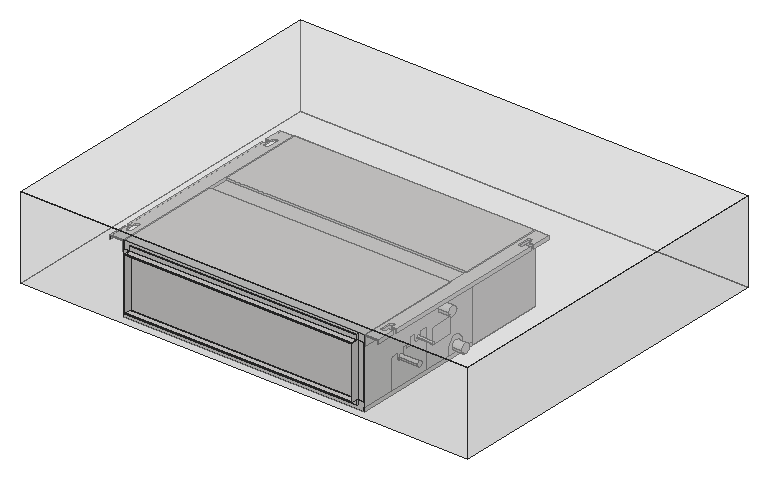
Revit family "outputfile", category 機械設備, Revit 2024
Family settings
  丸型コネクタ寸法 = 半径を使用
  パーツ タイプ = 標準
  OmniClass 番号 = 23.75.10.24.21.27.27
  OmniClass タイトル = Split System Air Conditioning Units
  作業面ベース = いいえ
  常に垂直 = はい
  ロード時にボイドで切り取り = いいえ
  注釈の向きを維持 = いいえ
  共有 = いいえ
  部屋計算ポイント = はい
Parameters (values of type "FXDQ32PDVM")
  書き出し IFC クラス(タイプ) = "IfcUnitaryEquipmentType"
  定義済み IFC タイプ(タイプ) = "AIRCONDITIONINGUNIT"
  ld_powersupply = Depth / 2  # 310.0 mm
  製造元 = "Daikin"
  モデル = "FXDQ32PDVM"
  r_Liquid Pipe Size = Liquid Pipe Size / 2  # 3.2 mm
  r_Gas Pipe Size = Gas Pipe Size / 2  # 6.35 mm
  r_Drain Pipe Size = Drain Pipe Size / 2  # 13.0 mm
  lw_powersupply = 50.0 mm  # constant formula
  lw_ductflange2 = 620.0 mm
  lw_Width = 660.0 mm
  lh_suctionflange [instance] = 100.0 mm  # constant formula
  ld_suctionflange [instance] = if(Rear Connection_Return Air, 190.0 mm, 100.0 mm)  # 190.0 mm
  angle_vertical_RA [instance] = if(Rear Connection_Return Air, 90.00°, 0.00°)  # 90.00°
  angle horizontal_RA [instance] = if(Rear Connection_Return Air, 180.00°, 270.00°)  # 180.00°
  Voltage_comment_60Hz = "220-240"
  Voltage_comment_50Hz = "220-240"
  Voltage_60Hz = 220 V
  Voltage_50Hz = 220 V
  Supply Air Direction [instance] = yes
  Rear Connection_Return Air [instance] = not(Bottom Connection_Return Air)  # yes
  RA_length [instance] = if(Rear Connection_Return Air, 190.0 mm, 100.0 mm)  # 190.0 mm
  Phase_60Hz = 1
  Phase_50Hz = 1
  Minimum External Static Pressure = 10.00 Pa
  Minimum Circuit Amps_60Hz = 0.8 A
  Minimum Circuit Amps_50Hz = 0.8 A
  Maximum Fuse Amps_60Hz = 16.0 A
  Maximum Fuse Amps_50Hz = 16.0 A
  Maximum External Static Pressure = 30.00 Pa
  Material_Casing = DAIKIN_GalvanizedSteel_Casing_indoorunit
  lw_liquidpipe = 46.0 mm  # constant formula
  lw_gaspipe = 57.0 mm  # constant formula
  lw_mountinghole = 740.0 mm
  lw_drainpipe = 33.0 mm  # constant formula
  lh_powersupply = 150.0 mm  # constant formula
  lh_liquidpipe = 90.0 mm  # constant formula
  lh_gaspipe = 113.0 mm  # constant formula
  lh_mountinghole = Height  # 200.0 mm
  lh_drainpipe = 50.0 mm  # constant formula
  lh_antena = 1.0 mm  # constant formula
  ld_liquidpipe = 193.0 mm  # constant formula
  ld_gaspipe = 130.0 mm  # constant formula
  ld_mountinghole = 500.0 mm  # constant formula
  ld_drainpipe = 280.0 mm  # constant formula
  ld_controlbox = 626.0 mm  # constant formula
  h*** = 0.0 mm  # constant formula
  d_dischargeflange = 21.2 mm  # constant formula
  Width = 700.0 mm
  Version = "ver.1.0"
  Unit Type = "Duct_Slim"
  Unit Mass Weight = 23.00 kg
  Unit Designation [instance] = ""
  Uniclass2015Version = "Products v1.30"
  Uniclass2015Title = "Variable refrigerant flow units"
  Uniclass2015Code = "Pr_70_65_03_94"
  Total Heating Capacity [instance] = 0.000 kW
  Total Cooling Capacity [instance] = 0.000 kW
  Sound Pressure Level_L speed (dBA) = 29
  Sound Pressure Level_H speed (dBA) = 31
  Series = "VRV Fan Coil Unit"
  Sensible Cooling Capacity [instance] = 0.000 kW
  SA Duct Size Width = 660.0 mm
  SA Duct Size Height = 153.0 mm
  Refrigerant Type = "R410A"
  RA Duct Size Width = 580.0 mm
  RA Duct Size Height = 160.0 mm
  Power Input (Heating) = 0.070 kW
  Power Input (Cooling) = 0.089 kW
  Option Accessory 3 [instance] = ""
  Option Accessory 2 [instance] = ""
  Option Accessory 1 [instance] = ""
  Nominal Heating Capacity = 4.000 kW
  Nominal Cooling Capacity = 3.600 kW
  Minimum Airflow = 384.00 m³/h
  Median Airflow = 0.00 m³/h
  Maximum Airflow = 432.00 m³/h
  Load Classification = HVAC
  Liquid Pipe Size = 6.4 mm
  Link_Nested Family [instance] = ""
  IfcVersion = ""
  IfcExportType = "AIRCONDITIONINGUNIT"
  IfcExportAs = "IfcUnitaryEquipmentType"
  Height = 200.0 mm
  Heating Entering Wet Bulb Temperature [instance] = 0.00 °C
  Heating Entering Dry Bulb Temperature [instance] = 0.00 °C
  Heating Ambient Wet Bulb Temperature [instance] = 0.00 °C
  Heating Ambient Dry Bulb Temperature [instance] = 0.00 °C
  Heat Exchanger Type = "Cross Fin Coil"
  Gas Pipe Size = 12.7 mm
  Frequency_60Hz = 60 Hz
  Frequency_50Hz = 50 Hz
  Fan Type = "Sirocco Fan"
  Fan Drive = "Direct Drive"
  FCU Tag No. [instance] = ""
  Drain Pipe Size = 26.0 mm
  Design Supply Airflow [instance] = 0.00 m³/h
  Design Return Airflow [instance] = 0.00 m³/h
  Design External Static Pressure [instance] = 0.00 Pa
  Depth = 620.0 mm
  既定の高さ = 0.0 mm
  Cooling Entering Wet Bulb Temperature [instance] = 0.00 °C
  Cooling Entering Dry Bulb Temperature [instance] = 0.00 °C
  Cooling Ambient Wet Bulb Temperature [instance] = 0.00 °C
  Cooling Ambient Dry Bulb Temperature [instance] = 0.00 °C
  Clearance visibility [instance] = yes
  Clearance Top = 20.0 mm
  Clearance Right = 300.0 mm
  Clearance Rear = 400.0 mm
  Clearance Left = 300.0 mm
  Clearance Front = 0.0 mm
  Clearance Bottom = 20.0 mm
  Bottom Connection_Return Air [instance] = no
Reference planes
  plane 1 "Center (Front/Back)": y = 0
  plane 2: z = 0
  plane 3 "Center (Left/Right)": x = 0
  plane 4 "Back": y = 310
  plane 5 "Front": y = -310
  plane 6 "Left": x = -350
  plane 7 "Right": x = 350
  plane 8 "Top": z = 0
  plane 9 "Bottom": z = -200
  plane 10: x = -370
  plane 11: x = 370
  plane 12: y = 250
  plane 13: z = 0
  plane 14 "Clearance Left": x = -650
  plane 15 "Clearance Right": x = 650
  plane 16 "Clearance Rear": y = 710
  plane 17 "Clearance Front": y = -310
  plane 18 "Clearance Top": z = 20
  plane 19 "Clearance Bottom": z = -220
  plane 20: y = -250
  plane 21: z = -21
  plane 22: z = -97.5
  plane 23: x = -40
  plane 24: y = 120
  plane 25: z = -100
  plane 26: y = -180
  plane 27: z = -113
  plane 28: y = -117
  plane 29: z = -90
  plane 30: y = 20
  plane 31: z = -170
  plane 32: x = 407
  plane 33: x = 396
  plane 34: x = 380
  plane 35: x = 300
  plane 36: z = -150
  plane 37: y = -30
  plane 38: z = -50
  plane 39: x = 383
Forms (mm)
  Extrusion 1, solid, material "DAIKIN_GalvanizedSteel_Casing_indoorunit" <- "Material_Casing"
    sketch origin (0, 0, 0) x (1, 0, 0) y (0, 1, 0)
      loop
        line (-350, -310) -> (350, -310) -> (350, 310) -> (-350, 310) -> (-350, -310)
    from -200 to 0
  Extrusion 2, void
    sketch origin (0, 0, 1) x (1, 0, 0) y (0, 1, 0)
      loop
        line (-350, 61.5) -> (-350, 3.5) -> (350, 3.5) -> (350, 61.5) -> (-350, 61.5)
    from -1 to -7
  Extrusion 3, solid, material "DAIKIN_GalvanizedSteel_Casing_indoorunit" <- "Material_Casing", visible <- "Bottom Connection_Return Air"
    sketch origin (0, 0, 0) x (1, 0, 0) y (0, 0, 1)
      loop
        line (-330, -180) -> (250, -180) -> (250, -20) -> (-330, -20) -> (-330, -180)
    from -310 to -309
  Extrusion 4, solid, material "DAIKIN_GalvanizedSteel_Casing_indoorunit" <- "Material_Casing", visible <- "Rear Connection_Return Air"
    sketch origin (0, 0, 0) x (1, 0, 0) y (0, 1, 0)
      loop
        line (-330, 290) -> (-330, 130) -> (250, 130) -> (250, 290) -> (-330, 290)
    from -200 to -199
  Extrusion 5, solid, material "DAIKIN_GalvanizedSteel_Casing_indoorunit" <- "Material_Casing"
    sketch origin (350, 0, 0) x (0, 1, 0) y (0, 0, 1)
      loop
        circle (-180, -113) r 6.35
    from 0 to 57
  Extrusion 6, solid, material "DAIKIN_GalvanizedSteel_Casing_indoorunit" <- "Material_Casing"
    sketch origin (350, 0, 0) x (0, 1, 0) y (0, 0, 1)
      loop
        circle (-117, -90) r 3.2
    from 0 to 46
  Extrusion 7, solid, material "DAIKIN_GalvanizedSteel_Casing_indoorunit" <- "Material_Casing"
    sketch origin (350, 0, 0) x (0, 1, 0) y (0, 0, 1)
      loop
        circle (20, -170) r 13
    from 0 to 30
  Extrusion 8, solid, material "DAIKIN_GalvanizedSteel_Casing_indoorunit" <- "Material_Casing"
    sketch origin (350, 0, 0) x (0, 1, 0) y (0, 0, 1)
      loop
        line (-310, -200) -> (78.6, -200) -> (78.6, -193)
        arc (78.6, -193) -> (77.721, -190.879) -> (75.6, -190) r 3
        line (75.6, -190) -> (-310, -190) -> (-310, -200)
    from 0 to -1
  Extrusion 9, solid, material "DAIKIN_GalvanizedSteel_Casing_indoorunit" <- "Material_Casing"
    sketch origin (350, 0, 0) x (0, 1, 0) y (0, 0, 1)
      loop
        line (-211.008, -190) -> (-86.594, -190) -> (-86.594, -80) -> (-105, -80) -> (-105, -90)
        arc (-105, -90) -> (-117, -102) -> (-129, -90) r 12
        line (-129, -90) -> (-129, -80) -> (-140.087, -80) -> (-140.087, -103.199) -> (-158.085, -103.199) -> (-158.085, -95.501) -> (-166.014, -95.501) -> (-166.014, -112.698) -> (-168.672, -112.698)
        arc (-168.672, -112.698) -> (-179.849, -124.331) -> (-191.332, -113) r 11.332
        line (-191.332, -113) -> (-191.332, -103.001) -> (-211.008, -103.001) -> (-211.008, -190)
    from 0 to -1
  Extrusion 10, solid, material "DAIKIN_GalvanizedSteel_Casing_indoorunit" <- "Material_Casing"
    sketch origin (350, 0, 0) x (0, 1, 0) y (0, 0, 1)
      loop
        arc (44.5, -170) -> (20, -145.5) -> (-4.5, -170) r 24.5
        line (-4.5, -170) -> (-4.5, -190) -> (44.5, -190) -> (44.5, -170)
    from 0 to -1
  Extrusion 11, solid, material "DAIKIN_GalvanizedSteel_Casing_indoorunit" <- "Material_Casing"
    sketch origin (350, 0, 0) x (0, 1, 0) y (0, 0, 1)
      loop
        arc (86.6, -22) -> (84.479, -22.879) -> (83.6, -25) r 3
        line (83.6, -25) -> (83.6, -194.5)
        arc (83.6, -194.5) -> (84.479, -196.621) -> (86.6, -197.5) r 3
        line (86.6, -197.5) -> (307, -197.5)
        arc (307, -197.5) -> (309.121, -196.621) -> (310, -194.5) r 3
        line (310, -194.5) -> (310, -25)
        arc (310, -25) -> (309.121, -22.879) -> (307, -22) r 3
        line (307, -22) -> (86.6, -22)
    from 0 to -1
  Extrusion 12, solid, material "DAIKIN_GalvanizedSteel_Casing_indoorunit" <- "Material_Casing"
    sketch origin (350, 475, 0) x (0, 1, 0) y (0, 0, 1)
      loop
        circle (-505, -50) r 13
    from 0 to 33
  Extrusion 13, solid, material "DAIKIN_GalvanizedSteel_Casing_indoorunit" <- "Material_Casing"
    sketch origin (350, 0, 75) x (0, 1, 0) y (0, 0, 1)
      loop
        line (-62, -165) -> (-62, -211) -> (2, -211) -> (2, -165) -> (-62, -165)
    from 0 to -1
Cuts and joins
  Extrusion 2 cuts Extrusion 1
Dimensions and locks
  "Height": plane 8 "Top" to plane 9 "Bottom"
  equal spacing: plane 10, plane 3 "Center (Left/Right)", plane 11
  "lw_mountinghole": plane 10 to plane 11
  equal spacing: plane 6 "Left", plane 3 "Center (Left/Right)", plane 7 "Right"
  "Width": plane 6 "Left" to plane 7 "Right"
  "Clearance Right": plane 7 "Right" to plane 15 "Clearance Right"
  "Clearance Left": plane 14 "Clearance Left" to plane 6 "Left"
  "Clearance Rear": plane 16 "Clearance Rear" to plane 4 "Back"
  "Clearance Front": plane 5 "Front" to plane 17 "Clearance Front"
  "Clearance Top": plane 18 "Clearance Top" to plane 8 "Top"
  "Clearance Bottom": plane 9 "Bottom" to plane 19 "Clearance Bottom"
  "Depth": plane 4 "Back" to plane 5 "Front"
  equal spacing: plane 4 "Back", plane 1 "Center (Front/Back)", plane 5 "Front"
  locked: plane 20 to plane 5 "Front" at 60
  "ld_mountinghole": plane 12 to plane 20
  locked: plane 8 "Top" to plane 21 at 21
  locked: plane 23 to plane 3 "Center (Left/Right)" at 40
  "ld_suctionflange": plane 4 "Back" to plane 24
  "lh_suctionflange": plane 8 "Top" to plane 25
  "ld_gaspipe": plane 26 to plane 5 "Front"
  "lh_gaspipe": plane 8 "Top" to plane 27
  "ld_liquidpipe": plane 28 to plane 5 "Front"
  "lh_liquidpipe": plane 8 "Top" to plane 29
  locked: plane 30 to plane 5 "Front" at 330
  locked: plane 8 "Top" to plane 31 at 170
  "lw_gaspipe": plane 7 "Right" to plane 32
  "lw_liquidpipe": plane 7 "Right" to plane 33
  locked: plane 7 "Right" to plane 34 at 30
  "lw_powersupply": plane 35 to plane 7 "Right"
  "lh_powersupply": plane 8 "Top" to plane 36
  "ld_drainpipe": plane 37 to plane 5 "Front"
  "lh_drainpipe": plane 8 "Top" to plane 38
  "lw_drainpipe": plane 7 "Right" to plane 39
  equal spacing: Extrusion 13 sketch curve, plane 37, Extrusion 13 sketch curve
  locked: Extrusion 13 sketch curve to Extrusion 13 sketch curve at 64
  locked: Extrusion 13 sketch curve to Extrusion 13 sketch curve at 46
  locked: Extrusion 13 sketch curve to plane 9 "Bottom" at 64
  "r_Gas Pipe Size": radius of Extrusion 5 sketch curve
  "r_Liquid Pipe Size": radius of Extrusion 6 sketch curve
  radius of Extrusion 7 sketch curve = 13.0 mm
  "r_Drain Pipe Size": radius of Extrusion 12 sketch curve
  aligned and locked: level to plane 2
  aligned and locked: Extrusion 1 to plane 9 "Bottom"
  aligned and locked: plane 8 "Top" to Extrusion 1
  aligned and locked: plane 11 to nested 2
  aligned and locked: plane 10 to nested 3
  aligned and locked: plane 10 to nested 4
  aligned and locked: plane 8 "Top" to Extrusion 2
  aligned and locked: plane 9 "Bottom" to Extrusion 4  (x2)
  aligned and locked: plane 7 "Right" to cut or joined group of Extrusion 1, Extrusion 2  (x2)
  aligned and locked: plane 3 "Center (Left/Right)" to nested 9
  aligned and locked: plane 6 "Left" to nested 7
  aligned and locked: plane 8 "Top" to nested 9
  aligned and locked: plane 11 to nested 1
  aligned and locked: nested 6 to plane 1 "Center (Front/Back)"
  aligned and locked: plane 3 "Center (Left/Right)" to nested 6
  aligned and locked: level to plane 8 "Top"
  aligned and locked: plane 1 "Center (Front/Back)" to nested 9
  aligned and locked: plane 5 "Front" to nested 10
  aligned and locked: Extrusion 1 sketch curve to plane 5 "Front"
  aligned and locked: plane 21 to nested 10
  aligned and locked: nested 5 to plane 5 "Front"
  aligned and locked: plane 3 "Center (Left/Right)" to nested 5
  aligned and locked: plane 22 to nested 5
  aligned and locked: Extrusion 2 sketch curve to plane 6 "Left"
  aligned and locked: plane 7 "Right" to Extrusion 2 sketch curve
  aligned and locked: nested 11 to plane 23
  aligned and locked: nested 11 to plane 24
  aligned and locked: plane 27 to Extrusion 5 sketch curve
  aligned and locked: plane 26 to Extrusion 5 sketch curve
  aligned and locked: plane 28 to Extrusion 6 sketch curve
  aligned and locked: plane 29 to Extrusion 6 sketch curve
  aligned and locked: plane 31 to Extrusion 7 sketch curve
  aligned and locked: plane 30 to Extrusion 7 sketch curve
  aligned and locked: plane 26 to nested 12
  aligned and locked: nested 12 to plane 27
  aligned and locked: plane 32 to Extrusion 5
  aligned and locked: plane 32 to nested 12
  aligned and locked: plane 33 to Extrusion 6
  aligned and locked: plane 28 to nested 13
  aligned and locked: nested 13 to plane 29
  aligned and locked: plane 33 to nested 13
  aligned and locked: plane 34 to Extrusion 7
  aligned and locked: plane 30 to nested 14
  aligned and locked: nested 14 to plane 31
  aligned and locked: plane 34 to nested 14
  aligned and locked: Extrusion 8 sketch curve to plane 9 "Bottom"
  aligned and locked: Extrusion 8 sketch curve to plane 5 "Front"
  aligned and locked: plane 14 "Clearance Left" to nested 15
  aligned and locked: plane 15 "Clearance Right" to nested 15
  aligned and locked: plane 16 "Clearance Rear" to nested 15
  aligned and locked: nested 15 to plane 17 "Clearance Front"
  aligned and locked: nested 15 to plane 18 "Clearance Top"
  aligned and locked: nested 15 to plane 19 "Clearance Bottom"
  aligned and locked: nested 16 to plane 35
  aligned and locked: nested 16 to plane 36
  aligned and locked: plane 4 "Back" to nested 16
  aligned and locked: plane 37 to Extrusion 12 sketch curve
  aligned and locked: plane 38 to Extrusion 12 sketch curve
  aligned and locked: plane 39 to Extrusion 12
  aligned and locked: Extrusion 4 sketch curve to nested 8  (x4)
  aligned and locked: Extrusion 3 sketch curve to nested 7  (x4)
Automatic sketch dimensions
  Extrusion 1 sketch curve to plane 4 "Back" = 0.0 mm
  Extrusion 1 sketch curve to plane 6 "Left" = 0.0 mm
  Extrusion 1 sketch curve to plane 7 "Right" = 0.0 mm
  Extrusion 2 sketch curve to plane 1 "Center (Front/Back)" = 3.5 mm
  plane 30 to Extrusion 2 sketch curve = 41.5 mm
  plane 9 "Bottom" to Extrusion 8 sketch curve = 7.0 mm
  Extrusion 8 sketch curve to plane 24 = 44.4 mm
  Extrusion 8 sketch curve to Extrusion 8 sketch curve = 3.0 mm
  Extrusion 9 sketch curve to plane 27 = 0.0 mm
  Extrusion 9 sketch curve to plane 26 = 0.0 mm
  Extrusion 9 sketch curve to plane 29 = 0.0 mm
  Extrusion 9 sketch curve to plane 28 = 0.0 mm
  Extrusion 9 sketch curve to Extrusion 9 sketch curve = 11.332 mm
  plane 9 "Bottom" to Extrusion 9 sketch curve = 10.0 mm
  Extrusion 9 sketch curve to plane 26 = 31.008 mm
  plane 27 to Extrusion 9 sketch curve = 0.302 mm
  Extrusion 9 sketch curve to Extrusion 9 sketch curve = 2.658 mm
  plane 22 to Extrusion 9 sketch curve = 1.999 mm
  Extrusion 9 sketch curve to Extrusion 9 sketch curve = 7.929 mm
  Extrusion 9 sketch curve to plane 25 = 3.199 mm
  Extrusion 9 sketch curve to Extrusion 9 sketch curve = 17.998 mm
  Extrusion 9 sketch curve to Extrusion 9 sketch curve = 11.087 mm
  plane 28 to Extrusion 9 sketch curve = 30.406 mm
  Extrusion 9 sketch curve to plane 25 = 3.001 mm
  plane 29 to Extrusion 9 sketch curve = 10.0 mm  (x2)
  Extrusion 10 sketch curve to plane 31 = 0.0 mm
  Extrusion 10 sketch curve to plane 30 = 0.0 mm
  plane 1 "Center (Front/Back)" to Extrusion 10 sketch curve = 4.5 mm
  plane 9 "Bottom" to Extrusion 10 sketch curve = 10.0 mm
  Extrusion 11 sketch curve to plane 4 "Back" = 0.0 mm
  Extrusion 11 sketch curve to Extrusion 11 sketch curve = 3.0 mm  (x2)
  Extrusion 11 sketch curve to plane 21 = 1.0 mm
  Extrusion 11 sketch curve to plane 4 "Back" = 3.0 mm
  Extrusion 11 sketch curve to plane 21 = 4.0 mm
  Extrusion 11 sketch curve to plane 24 = 33.4 mm
  plane 9 "Bottom" to Extrusion 11 sketch curve = 5.5 mm
Nested families
  nested 1: "daikin_mountinghole" at (370, 250, -200), l_antenna <- "lh_antena", Link_Nested Family <- "Link_Nested Family", h_mountinghole <- "lh_mountinghole", type "daikin_mountinghole"
    with show yes, l_antenna 1.0 mm, h_mountinghole 200.0 mm, Link_Nested Family ""
  nested 2: "daikin_mountinghole" at (370, -250, -200), Link_Nested Family <- "Link_Nested Family", l_antenna <- "lh_antena", h_mountinghole <- "lh_mountinghole", type "daikin_mountinghole"
    with show yes, l_antenna 1.0 mm, h_mountinghole 200.0 mm, Link_Nested Family ""
  nested 3: "daikin_mountinghole" at (-370, -250, -200), l_antenna <- "lh_antena", Link_Nested Family <- "Link_Nested Family", h_mountinghole <- "lh_mountinghole", type "daikin_mountinghole"
    with show yes, l_antenna 1.0 mm, h_mountinghole 200.0 mm, Link_Nested Family ""
  nested 4: "daikin_mountinghole" at (-370, 250, -200), l_antenna <- "lh_antena", Link_Nested Family <- "Link_Nested Family", h_mountinghole <- "lh_mountinghole", type "daikin_mountinghole"
    with show yes, l_antenna 1.0 mm, h_mountinghole 200.0 mm, Link_Nested Family ""
  nested 5: "daikin_connector_rotate2" at (0, -310, -97.5), length <- "d_dischargeflange", type "daikin_connector_rotate2"
    with radius 10.0 mm, length 21.2 mm, angle_vertical 90.00°, show_face no
  nested 6: "daikin_△_symbolicline" at (-75, -129.904, 200) x (-0.5, 0.866, 0) z (0, 0, 1), built-in parameter 1001364 <- "Height", visible <- "Supply Air Direction", type "daikin_△_symbolicline"
    with length 300.0 mm
  nested 7: "daikin_ductflange_FXDQ-PDVM_1" at (-40, 310, -100), visible <- "Rear Connection_Return Air", material <- "Material_Casing", width <- "lw_ductflange2", type "daikin_ductflange_FXDQ-PDVM_1"
    with width 620.0 mm, material DAIKIN_GalvanizedSteel_Casing_indoorunit, height 180.0 mm, depth 21.2 mm
  nested 8: "daikin_ductflange_FXDQ-PDVM_1" at (-40, 210, -200) x (1, 0, 0) z (0, 1, 0), visible <- "Bottom Connection_Return Air", material <- "Material_Casing", width <- "lw_ductflange2", type "daikin_ductflange_FXDQ-PDVM_1"
    with width 620.0 mm, material DAIKIN_GalvanizedSteel_Casing_indoorunit, height 180.0 mm, depth 21.2 mm
  nested 9: "daikin_hangerfixture_FXDQ-PDVM" at (0, 0, 0), type "daikin_hangerfixture_FXDQ-PDVM"
  nested 10: "daikin_ductflange_FXDQ-PDVM" at (0, 3.5, -364.201), width <- "lw_Width", material <- "Material_Casing", type "daikin_ductflange_FXDQ-PDVM"
    with width 660.0 mm, material DAIKIN_GalvanizedSteel_Casing_indoorunit, height 155.0 mm, depth 21.2 mm
  nested 11: "daikin_connector_rotate3" at (-40, 120, -100), length <- "RA_length", angle_vertical <- "angle_vertical_RA", angle_horizontal <- "angle horizontal_RA", type "daikin_connector_rotate3"
    with show no, radius 10.0 mm, length 190.0 mm, angle_vertical 90.00°, angle_horizontal 180.00°
  nested 12: "daikin_connector_rotate2" at (350, -180, -113) x (0, 1, 0) z (0, 0, 1), length <- "lw_gaspipe", radius <- "r_Gas Pipe Size", type "daikin_connector_rotate2"
    with radius 6.35 mm, length 57.0 mm, angle_vertical 90.00°, show_face no
  nested 13: "daikin_connector_rotate2" at (350, -117, -90) x (0, 1, 0) z (0, 0, 1), radius <- "r_Liquid Pipe Size", length <- "lw_liquidpipe", type "daikin_connector_rotate2"
    with radius 3.2 mm, length 46.0 mm, angle_vertical 90.00°, show_face no
  nested 14: "daikin_connector_rotate2" at (347, 20, -170) x (0, 1, 0) z (0, 0, 1), radius <- "r_Drain Pipe Size", length <- "lw_drainpipe", type "daikin_connector_rotate2"
    with radius 13.0 mm, length 33.0 mm, angle_vertical 90.00°, show_face no
  nested 15: "daikin_clearancespace" at (0, 200, -99.881), visible <- "Clearance visibility", Link_Nested Family <- "Link_Nested Family", show <- "Clearance visibility", type "daikin_clearancespace"
    with width 1300.0 mm, show yes, height 240.0 mm, depth 1020.0 mm, Link_Nested Family ""
  nested 16: "daikin_connector_rotate2" at (300, 0, -150) x (-1, 0, 0) z (0, 0, 1), length <- "ld_powersupply", type "daikin_connector_rotate2"
    with radius 10.0 mm, length 310.0 mm, angle_vertical 90.00°, show_face no
Connectors
  hvac at (0, -331.2, -97.5), driven by "SA Duct Size Height", driven by "SA Duct Size Width"
    settings: on nested 5, index 1, duct flow 0.00 m³/h, flow factor 0, pres drop 0.00 Pa, loss coef 0, conn angle 0.00°, conn width 660.0 mm, conn height 153.0 mm, conn diameter 609.6 mm, duct sys type 1, conn prof type 1, flow config 0, flow direction 2, loss method 4, conn ref index -1, conn util no, is conn primary yes, conn desc "SA Duct"
  hvac at (-40, 310, -100), driven by "RA Duct Size Height", driven by "RA Duct Size Width"
    settings: on nested 11, index 2, duct flow 0.00 m³/h, flow factor 0, pres drop 0.00 Pa, loss coef 0, conn angle 0.00°, conn width 580.0 mm, conn height 160.0 mm, conn diameter 609.6 mm, duct sys type 2, conn prof type 1, flow config 0, flow direction 1, loss method 4, conn ref index -1, conn util no, is conn primary no, conn desc "RA Duct"
  piping at (407, -180, -113), diameter 12.7, driven by "r_Gas Pipe Size"
    settings: on nested 12, index 3, connector inside diameter 609.6 mm, connector length 0.0 mm, flow factor 0, pipe flow 0.00 m³/h, pressure drop 0.0 Pa, fitting loss kfactor 0, connector angle 0.00°, fixture units 0, engagement length 0.0 mm, angle of deflection 0.00°, flow configuration 1, flow direction 2, fitting loss method 0, system type 29, joint type 0, gender type 0, connector reference index -1, connector utility 0, adjustable connector no, is connector primary yes, connector description "Refrigerant Gas Piping"
  piping at (396, -117, -90), diameter 6.4, driven by "r_Liquid Pipe Size"
    settings: on nested 13, index 4, connector inside diameter 609.6 mm, connector length 0.0 mm, flow factor 0, pipe flow 0.00 m³/h, pressure drop 0.0 Pa, fitting loss kfactor 0, connector angle 0.00°, fixture units 0, engagement length 0.0 mm, angle of deflection 0.00°, flow configuration 1, flow direction 1, fitting loss method 0, system type 29, joint type 0, gender type 0, connector reference index -1, connector utility 0, adjustable connector no, is connector primary no, connector description "Refrigerant Liquid Piping"
  electrical at (300, 310, -150), driven by "Load Classification"
    settings: on nested 16, index 6, voltage 0 V, apparent load 0 VA, apparent load phase1 0 VA, apparent load phase2 0 VA, apparent load phase3 0 VA, power factor 1, load classification "HVAC", number of poles 1, system type 30, power factor state 1, is connector primary yes, connector utility no, sub classification motor no, connector description "Power Supply"
  piping at (383, -30, -50), diameter 26, driven by "r_Drain Pipe Size"
    settings: on Extrusion 12, index 7, connector inside diameter 609.6 mm, connector length 0.0 mm, flow factor 0, pipe flow 0.00 m³/h, pressure drop 0.0 Pa, fitting loss kfactor 0, connector angle 0.00°, fixture units 0, engagement length 0.0 mm, angle of deflection 0.00°, flow configuration 1, flow direction 2, fitting loss method 4, system type 16, joint type 0, gender type 0, connector reference index -1, connector utility 0, adjustable connector no, is connector primary no, connector description "Condensate Drain Piping"
Definition of nested family "daikin_ductflange_FXDQ-PDVM_1"
  Parameters (values of type "daikin_ductflange_CDKM-PVM_1")
    width [instance] = 620.0 mm
    material [instance] = none
    height [instance] = 180.0 mm
    depth [instance] = 21.2 mm
    Default Elevation = 0.0 mm
  Reference planes
    plane 1 "Center (Front/Back)": y = 0
    plane 2: z = 0
    plane 3 "Center (Left/Right)": x = 0
    plane 4: x = -310
    plane 5: x = 310
    plane 6: z = 90
    plane 7: z = -90
    plane 8: z = 100
    plane 9: z = -100
    plane 10: x = -309
    plane 11: x = 309
  Forms (mm)
    Extrusion 1, solid, material <- "material"
      sketch origin (0, 0, 0) x (1, 0, 0) y (0, 0, 1)
        loop
          line (-290, 80) -> (-290, -80) -> (290, -80) -> (290, 80) -> (-290, 80)
        loop
          line (-309, -99) -> (309, -99) -> (309, 99) -> (-309, 99) -> (-309, -99)
      from 0 to 1
  Dimensions and locks
    equal spacing: plane 5, plane 3 "Center (Left/Right)", plane 4, locked at 310 each
    "width": plane 5 to plane 4
    equal spacing: plane 6, level, plane 7, locked at 90 each
    "height": plane 6 to plane 7
    equal spacing: plane 8, level, plane 9, locked at 100 each
    locked: plane 8 to plane 9 at 200
    plane 10 to plane 4 = 1.0 mm
    locked: plane 5 to plane 11 at 1
    locked: Extrusion 1 sketch curve to Extrusion 1 sketch curve at 19  (x4)
    locked: plane 8 to Extrusion 1 sketch curve at 1
    locked: Extrusion 1 sketch curve to plane 9 at 1
    aligned and locked: level to plane 2
  Automatic sketch dimensions
    plane 4 to Extrusion 1 sketch curve = 1.0 mm
    Extrusion 1 sketch curve to plane 5 = 1.0 mm
Definition of nested family "daikin_hangerfixture_FXDQ-PDVM"
  Parameters (values of type "daikin_hangerfixture_CDKS-EAVMA")
    width = 700.0 mm
    material = none
    height = 30.0 mm
    depth = 618.0 mm
    Default Elevation = 0.0 mm
  Reference planes
    plane 1 "Center (Front/Back)": y = 0
    plane 2: z = 0
    plane 3 "Center (Left/Right)": x = 0
    plane 4: x = 350
    plane 5: y = 309
    plane 6: y = -309
    plane 7: x = -350
    plane 8: z = -30
  Forms (mm)
    Extrusion 1, solid, material <- "material"
      sketch origin (0, 0, 0) x (1, 0, 0) y (0, 0, 1)
        loop
          line (350, 0) -> (350, -30) -> (352.3, -30) -> (352.3, -2.3) -> (387.7, -2.3) -> (387.7, -10) -> (390, -10) -> (390, 0) -> (350, 0)
      from -309 to 309
    Extrusion 2, void
      sketch origin (0, 0, 0) x (0, 1, 0) y (0, 0, 1)
        loop
          line (309, -30) -> (309, -17.979) -> (87.935, -17.979) -> (75.914, -30) -> (309, -30)
      from 0 to 450
    Extrusion 3, void
      sketch origin (0, 0, 0) x (1, 0, 0) y (0, 1, 0)
        loop
          line (390, -243.5) -> (377, -243.5) -> (377, -237)
          arc (377, -237) -> (370, -230) -> (363, -237) r 7
          line (363, -237) -> (363, -263)
          arc (363, -263) -> (370, -270) -> (377, -263) r 7
          line (377, -263) -> (377, -256.5) -> (390, -256.5) -> (390, -243.5)
        loop
          line (390, 243.5) -> (390, 256.5) -> (377, 256.5) -> (377, 263)
          arc (377, 263) -> (370, 270) -> (363, 263) r 7
          line (363, 263) -> (363, 237)
          arc (363, 237) -> (370, 230) -> (377, 237) r 7
          line (377, 237) -> (377, 243.5) -> (390, 243.5)
      from -254.96 to 618
    Extrusion 4, solid, material <- "material"
      sketch origin (0, 0, 0) x (-1, 0, 0) y (0, 0, -1)
        loop
          line (350, 0) -> (390, 0) -> (390, 10) -> (387.7, 10) -> (387.7, 2.3) -> (352.3, 2.3) -> (352.3, 30) -> (350, 30) -> (350, 0)
      from -309 to 309
    Extrusion 5, void
      sketch origin (0, 0, 0) x (-1, 0, 0) y (0, -1, 0)
        loop
          line (390, 243.5) -> (390, 256.5) -> (377, 256.5) -> (377, 263)
          arc (377, 263) -> (370, 270) -> (363, 263) r 7
          line (363, 263) -> (363, 237)
          arc (363, 237) -> (370, 230) -> (377, 237) r 7
          line (377, 237) -> (377, 243.5) -> (390, 243.5)
        loop
          line (390, -243.5) -> (377, -243.5) -> (377, -237)
          arc (377, -237) -> (370, -230) -> (363, -237) r 7
          line (363, -237) -> (363, -263)
          arc (363, -263) -> (370, -270) -> (377, -263) r 7
          line (377, -263) -> (377, -256.5) -> (390, -256.5) -> (390, -243.5)
      from -254.96 to 618
  Cuts and joins
    Extrusion 2, Extrusion 3, Extrusion 5 cuts Extrusion 1
    Extrusion 5 cuts Extrusion 4
  Dimensions and locks
    equal spacing: plane 5, plane 1 "Center (Front/Back)", plane 6
    "depth": plane 5 to plane 6
    plane 6 to plane 1 "Center (Front/Back)" to plane 5 = 309.0 mm, 309.0 mm
    equal spacing: plane 4, plane 3 "Center (Left/Right)", plane 7
    "width": plane 4 to plane 7
    "height": level to plane 8
    aligned and locked: level to plane 2
    aligned and locked: plane 5 to Extrusion 1
    aligned and locked: Extrusion 1 to plane 6
    aligned and locked: Extrusion 1 to plane 4
    aligned and locked: plane 5 to cut or joined group of Extrusion 1, Extrusion 2, Extrusion 3, Extrusion 5
    aligned and locked: cut or joined group of Extrusion 1, Extrusion 2, Extrusion 3, Extrusion 5 to plane 6
    aligned and locked: level to cut or joined group of Extrusion 1, Extrusion 2, Extrusion 3, Extrusion 5
    aligned and locked: cut or joined group of Extrusion 1, Extrusion 2, Extrusion 3, Extrusion 5 to plane 8
    aligned and locked: plane 5 to cut or joined group of Extrusion 4, Extrusion 5
    aligned and locked: cut or joined group of Extrusion 4, Extrusion 5 to plane 6
  Automatic sketch dimensions
    Extrusion 1 sketch curve to plane 4 = 0.0 mm
    Extrusion 1 sketch curve to plane 8 = 0.0 mm
    Extrusion 1 sketch curve to level = 0.0 mm
    plane 4 to Extrusion 1 sketch curve = 2.3 mm
    Extrusion 1 sketch curve to level = 2.3 mm
    Extrusion 1 sketch curve to Extrusion 1 sketch curve = 35.4 mm
    Extrusion 1 sketch curve to Extrusion 1 sketch curve = 2.3 mm
    Extrusion 1 sketch curve to Extrusion 1 sketch curve = 7.7 mm
    Extrusion 2 sketch curve to plane 8 = 0.0 mm
    Extrusion 2 sketch curve to plane 5 = 0.0 mm
    plane 8 to Extrusion 2 sketch curve = 12.021 mm
    Extrusion 2 sketch curve to plane 1 "Center (Front/Back)" = 87.935 mm
    Extrusion 2 sketch curve to Extrusion 2 sketch curve = 12.021 mm
    plane 4 to Extrusion 3 sketch curve = 13.0 mm  (x2)
    Extrusion 3 sketch curve to Extrusion 3 sketch curve = 7.0 mm  (x4)
    Extrusion 3 sketch curve to Extrusion 3 sketch curve = 13.0 mm  (x4)
    plane 6 to Extrusion 3 sketch curve = 46.0 mm
    Extrusion 3 sketch curve to Extrusion 3 sketch curve = 6.5 mm  (x4)
    Extrusion 3 sketch curve to plane 5 = 72.0 mm
    Extrusion 4 sketch curve to plane 7 = 0.0 mm
    Extrusion 4 sketch curve to plane 8 = 0.0 mm
    Extrusion 4 sketch curve to level = 0.0 mm
    Extrusion 4 sketch curve to plane 7 = 2.3 mm
    Extrusion 4 sketch curve to level = 2.3 mm
    Extrusion 4 sketch curve to Extrusion 4 sketch curve = 35.4 mm
    Extrusion 4 sketch curve to Extrusion 4 sketch curve = 2.3 mm
    Extrusion 4 sketch curve to Extrusion 4 sketch curve = 7.7 mm
    Extrusion 5 sketch curve to plane 7 = 13.0 mm  (x2)
    Extrusion 5 sketch curve to Extrusion 5 sketch curve = 7.0 mm  (x4)
    Extrusion 5 sketch curve to Extrusion 5 sketch curve = 13.0 mm  (x4)
    Extrusion 5 sketch curve to plane 5 = 46.0 mm
    Extrusion 5 sketch curve to Extrusion 5 sketch curve = 6.5 mm  (x4)
    plane 6 to Extrusion 5 sketch curve = 72.0 mm
Definition of nested family "daikin_ductflange_FXDQ-PDVM"
  Parameters (values of type "daikin_ductflange_CDKM-PVM")
    width [instance] = 660.0 mm
    material [instance] = none
    height [instance] = 155.0 mm
    depth [instance] = 21.2 mm
    Default Elevation = 0.0 mm
  Reference planes
    plane 1 "Center (Front/Back)": y = 0
    plane 2: z = 189.201
    plane 3 "Center (Left/Right)": x = 0
    plane 4: y = -313.5
    plane 5: x = -330
    plane 6: x = 330
    plane 7: y = -334.7
    plane 8: z = 344.201
    plane 9: z = 266.701
    plane 10: z = 343.201
    plane 11: z = 190.201
  Forms (mm)
    Extrusion 1, solid, material <- "material"
      sketch origin (0, 0, 189.201) x (1, 0, 0) y (0, 1, 0)
        loop
          line (-330, -334.7) -> (-330, -313.5) -> (-349, -313.5) -> (-349, -314.5) -> (-331, -314.5) -> (-331, -334.7) -> (-330, -334.7)
        loop
          line (330, -334.7) -> (331, -334.7) -> (331, -314.5) -> (349, -314.5) -> (349, -313.5) -> (330, -313.5) -> (330, -334.7)
      from 1 to 154
    Extrusion 2, solid, material <- "material"
      sketch origin (0, 0, 0) x (0, 1, 0) y (0, 0, 1)
        loop
          line (-313.5, 343.201) -> (-313.5, 358.201) -> (-314.5, 358.201) -> (-314.5, 344.201) -> (-334.7, 344.201) -> (-334.7, 343.201) -> (-313.5, 343.201)
        loop
          line (-313.5, 190.201) -> (-334.7, 190.201) -> (-334.7, 189.201) -> (-314.5, 189.201) -> (-314.5, 175.201) -> (-313.5, 175.201) -> (-313.5, 190.201)
      from -330 to 330
  Dimensions and locks
    plane 4 to plane 1 "Center (Front/Back)" = 313.5 mm
    "depth": plane 7 to plane 4
    equal spacing: plane 8, plane 9, level
    "height": plane 8 to level
    equal spacing: plane 6, plane 3 "Center (Left/Right)", plane 5
    "width": plane 6 to plane 5
    locked: plane 8 to plane 10 at 1
    locked: plane 11 to level at 1
    locked: Extrusion 1 to Extrusion 2 sketch curve at 1
    locked: Extrusion 2 sketch curve to Extrusion 1 at 1
    plane 10 to plane 11 = 153.0 mm
    aligned and locked: level to plane 2
    aligned and locked: Extrusion 2 to plane 5
    aligned and locked: Extrusion 2 to plane 11
    aligned and locked: Extrusion 2 to plane 10
    aligned and locked: plane 6 to Extrusion 2
    aligned and locked: plane 5 to Extrusion 2  (x2)
    aligned and locked: plane 5 to Extrusion 1  (x2)
    aligned and locked: Extrusion 1 to plane 6
    aligned and locked: plane 6 to Extrusion 1
    aligned and locked: Extrusion 1 to plane 10
  Automatic sketch dimensions
    Extrusion 2 sketch curve to plane 7 = 0.0 mm  (x2)
    Extrusion 2 sketch curve to plane 4 = 0.0 mm  (x2)
    Extrusion 2 sketch curve to plane 11 = 0.0 mm
    Extrusion 2 sketch curve to plane 10 = 0.0 mm
    Extrusion 2 sketch curve to plane 4 = 1.0 mm  (x2)
    Extrusion 2 sketch curve to level = 14.0 mm
    plane 8 to Extrusion 2 sketch curve = 14.0 mm
    Extrusion 1 sketch curve to plane 4 = 0.0 mm  (x2)
    Extrusion 1 sketch curve to plane 7 = 0.0 mm  (x2)
    Extrusion 1 sketch curve to plane 5 = 0.0 mm
    Extrusion 1 sketch curve to plane 6 = 0.0 mm
    Extrusion 1 sketch curve to plane 5 = 1.0 mm
    Extrusion 1 sketch curve to Extrusion 1 sketch curve = 18.0 mm  (x2)
    Extrusion 1 sketch curve to Extrusion 1 sketch curve = 1.0 mm
    Extrusion 1 sketch curve to plane 4 = 1.0 mm  (x2)
Definition of nested family "daikin_clearancespace"
  Parameters (values of type "daikin_clearancespace")
    Description = "daikin_clearancespace"
    width [instance] = 1823.963 mm
    show [instance] = yes
    material = none
    height [instance] = 1359.762 mm
    depth [instance] = 880.0 mm
    Default Elevation = 0.0 mm
    Link_Nested Family [instance] = ""
  Reference planes
    plane 1 "Center (Front/Back)": y = 0
    plane 2 "Center (Elevation)": z = -0.119
    plane 3 "Center (Left/Right)": x = 0
    plane 4: y = 440
    plane 5: y = -440
    plane 6 "Right": x = 911.982
    plane 7 "Left": x = -911.982
    plane 8 "Top": z = 679.762
    plane 9 "Bottom": z = -680
  Forms (mm)
    Extrusion 1, solid, material <- "material", visible <- "show"
      sketch origin (0, 0, 0) x (1, 0, 0) y (0, 1, 0)
        loop
          line (-911.982, 440) -> (-911.982, -440) -> (911.982, -440) -> (911.982, 440) -> (-911.982, 440)
      from -680 to 679.762
  Lines and regions (mm)
    symbolic lines, visible <- "show"
      curve 1: line (911.982, 440, 0) -> (-911.982, 440, 0)
      curve 2: line (-911.982, 440, 0) -> (-911.982, -440, 0)
      curve 3: line (-911.982, -440, 0) -> (911.982, -440, 0)
      curve 4: line (911.982, -440, 0) -> (911.982, 440, 0)
      curve 5: line (911.982, 0, 679.762) -> (-911.982, 0, 679.762)
      curve 6: line (911.982, 0, -680) -> (911.982, 0, 679.762)
      curve 7: line (-911.982, 0, -680) -> (911.982, 0, -680)
      curve 8: line (-911.982, 0, 679.762) -> (-911.982, 0, -680)
      curve 9: line (0, 440, 679.762) -> (0, -440, 679.762)
      curve 10: line (0, -440, 679.762) -> (0, -440, -680)
      curve 11: line (0, 440, -680) -> (0, 440, 679.762)
      curve 12: line (0, -440, -680) -> (0, 440, -680)
  Dimensions and locks
    "width": plane 7 "Left" to plane 6 "Right"
    "depth": plane 4 to plane 5
    "height": plane 8 "Top" to plane 9 "Bottom"
    equal spacing: plane 7 "Left", plane 3 "Center (Left/Right)", plane 6 "Right"
    equal spacing: plane 4, plane 1 "Center (Front/Back)", plane 5
    equal spacing: plane 8 "Top", plane 2 "Center (Elevation)", plane 9 "Bottom"
    aligned and locked: level to plane 2 "Center (Elevation)"
    aligned and locked: Extrusion 1 sketch curve to plane 4
    aligned and locked: plane 7 "Left" to Extrusion 1 sketch curve
    aligned and locked: Extrusion 1 sketch curve to plane 5
    aligned and locked: Extrusion 1 sketch curve to plane 6 "Right"
    aligned and locked: plane 8 "Top" to Extrusion 1
    aligned and locked: curve 1 to Extrusion 1
    aligned and locked: curve 2 to Extrusion 1
    aligned and locked: curve 3 to Extrusion 1
    aligned and locked: curve 4 to Extrusion 1
    aligned and locked: curve 5 to Extrusion 1
    aligned and locked: curve 6 to Extrusion 1
    aligned and locked: curve 7 to Extrusion 1
    aligned and locked: curve 8 to Extrusion 1
    aligned and locked: curve 9 to Extrusion 1
    aligned and locked: curve 10 to Extrusion 1
    aligned and locked: curve 11 to Extrusion 1
    aligned and locked: curve 12 to Extrusion 1
    aligned and locked: Extrusion 1 to plane 9 "Bottom"
Definition of nested family "daikin_mountinghole"
  Parameters (values of type "daikin_mountinghole")
    Default Elevation = 1219.2 mm
    Type Comments = "mountinghole"
    show [instance] = yes
    material = none
    l_centerline = 100.0 mm
    l_antenna [instance] = 100.0 mm
    h_mountinghole [instance] = 0.0 mm
    d_circle = 30.0 mm
    Link_Nested Family [instance] = ""
  Reference planes
    plane 1 "Center (Front/Back)": y = 0
    plane 2: z = 0
    plane 3 "Center (Left/Right)": x = 0
    plane 4: y = 50
    plane 5: x = -50
    plane 6: x = 50
    plane 7: y = -50
    plane 8 "h_mountinghole": z = 0
    plane 9: z = 100
  Lines and regions (mm)
    model lines, detail levels fine
      curve 1: circle (0, 0, 0) r 15 normal (0, 0, 1)
      curve 2: line (-50, 0, 0) -> (50, 0, 0)
      curve 3: line (0, 50, 0) -> (0, -50, 0)
    symbolic lines, detail levels fine
      curve 4: circle (0, 0, 0) r 15 normal (0, 0, 1)
      curve 5: line (-50, 0, 0) -> (50, 0, 0)
      curve 6: line (0, 50, 0) -> (0, -50, 0)
    model lines
      curve 7: line (0, 0, 100) -> (0, 0, 0)
  Dimensions and locks
    equal spacing: plane 4, plane 1 "Center (Front/Back)", plane 7
    "l_centerline": plane 4 to plane 7
    equal spacing: plane 5, plane 3 "Center (Left/Right)", plane 6
    "l_centerline": plane 5 to plane 6
    "l_antenna": plane 9 to plane 8 "h_mountinghole"
    "h_mountinghole": plane 8 "h_mountinghole" to plane 2
    "d_circle": diameter of curve 1
    "d_circle": diameter of curve 4
    aligned and locked: level to plane 2
    aligned and locked: plane 1 "Center (Front/Back)" to curve 1
    aligned and locked: plane 3 "Center (Left/Right)" to curve 1
    aligned and locked: plane 1 "Center (Front/Back)" to curve 2
    aligned and locked: curve 3 to plane 3 "Center (Left/Right)"
    aligned and locked: plane 6 to curve 2
    aligned and locked: plane 5 to curve 2
    aligned and locked: plane 4 to curve 3
    aligned and locked: plane 7 to curve 3
    aligned and locked: plane 1 "Center (Front/Back)" to curve 4
    aligned and locked: plane 3 "Center (Left/Right)" to curve 4
    aligned and locked: plane 6 to curve 5
    aligned and locked: plane 5 to curve 5
    aligned and locked: plane 1 "Center (Front/Back)" to curve 5
    aligned and locked: plane 4 to curve 6
    aligned and locked: plane 7 to curve 6
    aligned and locked: curve 6 to plane 3 "Center (Left/Right)"
    aligned and locked: curve 7 to plane 3 "Center (Left/Right)"
    aligned and locked: plane 9 to curve 7
    aligned and locked: plane 8 "h_mountinghole" to curve 7
Definition of nested family "daikin_connector_rotate2"
  Parameters (values of type "daikin_connector_rotate2")
    show_face = yes
    radius [instance] = 10.0 mm
    length [instance] = 600.0 mm
    d_surface = 10.0 mm
    angle_vertical [instance] = 90.00°
    Default Elevation = 0.0 mm
  Reference planes
    plane 1 "Center (Front/Back)": y = 0
    plane 2: z = 0
    plane 3 "Center (Left/Right)": x = 0
  Forms (mm)
    Extrusion 1, solid, visible <- "show_face"
      sketch origin (0, -600, 0) x (1, 0, 0) y (0, 0, 1)
        loop
          circle (0, 0) r 10
      from 0 to -10
  Lines and regions (mm)
    reference lines
      curve 1: line (0, 0, 0) -> (0, -600, 0)
    symbolic lines
      curve 2: circle (0, 0, 0) r 5 normal (0, 0, 1)
    model lines, visible <- "show_face"
      curve 3: line (0, 0, 0) -> (0, -600, 0)
  Dimensions and locks
    "length": curve 1 to curve 1
    "length": curve 3 to curve 3
    "d_surface": Extrusion 1 to Extrusion 1
    "radius": radius of Extrusion 1 sketch curve
    "angle_vertical": angle curve 1 to plane 1 "Center (Front/Back)"
    "angle_vertical": angle curve 3 to plane 1 "Center (Front/Back)"
    aligned and locked: level to plane 2
    aligned and locked: plane 1 "Center (Front/Back)" to curve 1
    aligned and locked: plane 2 to curve 1
    aligned and locked: plane 1 "Center (Front/Back)" to curve 2
    aligned and locked: plane 3 "Center (Left/Right)" to curve 2
    aligned and locked: plane 1 "Center (Front/Back)" to curve 3
    aligned and locked: plane 2 to curve 3
    aligned and locked: Extrusion 1 to Extrusion 1
  Automatic sketch dimensions
    Extrusion 1 sketch curve to level = 0.0 mm
    Extrusion 1 sketch curve to plane 3 "Center (Left/Right)" = 0.0 mm
    radius of curve 2 = 5.0 mm
Definition of nested family "daikin_△_symbolicline"
  Parameters (values of type "daikin_△_symbolicline")
    length [instance] = 500.0 mm
    Default Elevation = 0.0 mm
  Reference planes
    plane 1 "Center (Front/Back)": y = 0
    plane 2: z = 0
    plane 3 "Center (Left/Right)": x = 0
  Lines and regions (mm)
    symbolic lines
      curve 1: line (0, -433.013, 0) -> (250, 0, 0)
      curve 2: line (250, 0, 0) -> (-250, 0, 0)
      curve 3: line (-250, 0, 0) -> (0, -433.013, 0)
  Dimensions and locks
    equal spacing: curve 3, plane 3 "Center (Left/Right)", curve 2
    "length": curve 3 to curve 2
    "length": curve 3 to curve 3
    "length": curve 1 to curve 1
    aligned and locked: level to plane 2
    aligned and locked: curve 2 to plane 1 "Center (Front/Back)"
    aligned and locked: plane 3 "Center (Left/Right)" to curve 3
Definition of nested family "daikin_connector_rotate3"
  Parameters (values of type "daikin_connector_rotate3")
    Default Elevation = 1219.2 mm
    show [instance] = yes
    radius [instance] = 10.0 mm
    length [instance] = 600.0 mm
    angle_horizontal [instance] = 60.00°
    angle_vertical [instance] = 90.00°
  Reference planes
    plane 1 "Center (Front/Back)": y = 0
    plane 2: z = 0
    plane 3 "Center (Left/Right)": x = 0
  Dimensions and locks
    "angle_horizontal": angle plane 3 "Center (Left/Right)" to nested 1
    aligned and locked: level to plane 2
    aligned and locked: plane 1 "Center (Front/Back)" to nested 1  (x2)
    aligned and locked: plane 3 "Center (Left/Right)" to nested 1
  Nested families
    nested 1: "daikin_connector_rotate2" at (0, 0, 0) x (0.5, 0.866, 0) z (0, 0, 1), angle_vertical <- "angle_vertical", length <- "length", radius <- "radius", type "daikin_connector_rotate2"
      with radius 10.0 mm, length 600.0 mm, angle_vertical 90.00°
  Definition of nested family "daikin_connector_rotate2"
    Parameters (values of type "daikin_connector_rotate2")
      show_face = yes
      radius [instance] = 10.0 mm
      length [instance] = 600.0 mm
      d_surface = 10.0 mm
      angle_vertical [instance] = 90.00°
      Default Elevation = 0.0 mm
    Reference planes
      plane 1 "Center (Front/Back)": y = 0
      plane 2: z = 0
      plane 3 "Center (Left/Right)": x = 0
    Forms (mm)
      Extrusion 1, solid, visible <- "show_face"
        sketch origin (0, -600, 0) x (1, 0, 0) y (0, 0, 1)
          loop
            circle (0, 0) r 10
        from 0 to -10
    Lines and regions (mm)
      reference lines
        curve 1: line (0, 0, 0) -> (0, -600, 0)
      symbolic lines
        curve 2: circle (0, 0, 0) r 5 normal (0, 0, 1)
      model lines, visible <- "show_face"
        curve 3: line (0, 0, 0) -> (0, -600, 0)
    Dimensions and locks
      "length": curve 1 to curve 1
      "length": curve 3 to curve 3
      "d_surface": Extrusion 1 to Extrusion 1
      "radius": radius of Extrusion 1 sketch curve
      "angle_vertical": angle curve 1 to plane 1 "Center (Front/Back)"
      "angle_vertical": angle curve 3 to plane 1 "Center (Front/Back)"
      aligned and locked: level to plane 2
      aligned and locked: plane 1 "Center (Front/Back)" to curve 1
      aligned and locked: plane 2 to curve 1
      aligned and locked: plane 1 "Center (Front/Back)" to curve 2
      aligned and locked: plane 3 "Center (Left/Right)" to curve 2
      aligned and locked: plane 1 "Center (Front/Back)" to curve 3
      aligned and locked: plane 2 to curve 3
      aligned and locked: Extrusion 1 to Extrusion 1
    Automatic sketch dimensions
      Extrusion 1 sketch curve to level = 0.0 mm
      Extrusion 1 sketch curve to plane 3 "Center (Left/Right)" = 0.0 mm
      radius of curve 2 = 5.0 mm
